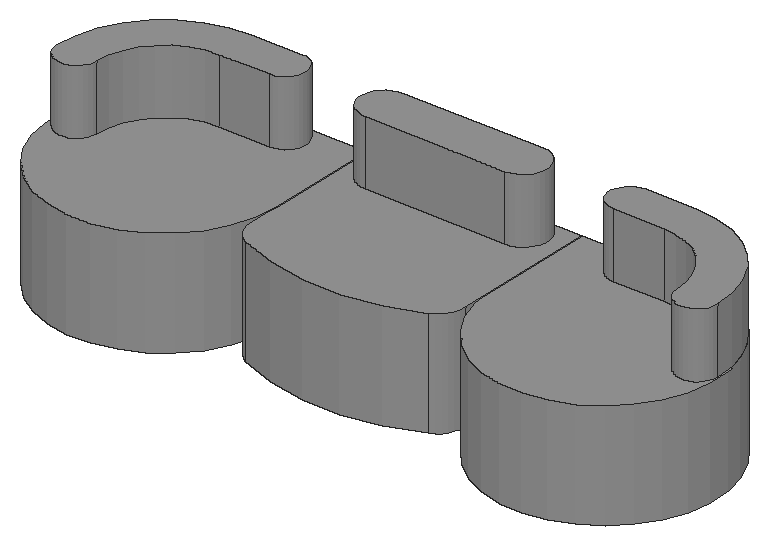
Revit family "SOFÁ OPUS menor", category Furniture, Revit 2021
Family settings
  Work Plane-Based = No
  Always vertical = No
  Cut with Voids When Loaded = No
  Shared = No
  Room Calculation Point = No
Reference planes
  plane 1: y = 0
  plane 2: z = 0
  plane 3: x = 0
Forms (mm)
  Extrusion 1, solid, material "_TECIDO SOFÁ"
    sketch origin (-3472.95, 62.035, 0) x (1, 0, 0) y (0, 1, 0)
      loop
        line (3022.936, 687.627) -> (3022.936, 77.271)
        arc (3022.936, 77.271) -> (3041.154, 13.706) -> (3090.277, -30.558) r 120
        arc (3090.277, -30.558) -> (3472.936, -119.002) -> (3855.594, -30.558) r 872.016
        arc (3855.594, -30.558) -> (3904.718, 13.706) -> (3922.936, 77.271) r 120
        line (3922.936, 77.271) -> (3922.936, 687.627) -> (3022.936, 687.627)
    from 0 to 450
  Extrusion 2, solid, material "_TECIDO SOFÁ"
    sketch origin (-3407.95, 232.035, 0) x (1, 0, 0) y (0, 1, 0)
      loop
        line (3693.763, 517.627) -> (3110.28, 517.627)
        arc (3110.28, 517.627) -> (3010.28, 417.627) -> (3110.28, 317.627) r 100
        line (3110.28, 317.627) -> (3693.763, 317.627)
        arc (3693.763, 317.627) -> (3793.763, 417.627) -> (3693.763, 517.627) r 100
    from 450 to 722
  Extrusion 3, solid, material "_TECIDO SOFÁ"
    sketch origin (2844.839, 237.655, 0) x (-1, 0, 0) y (0, -1, 0)
      loop
        line (3294.853, -39.804) -> (3294.853, -512.007) -> (3767.057, -512.007)
        arc (3767.057, -512.007) -> (4100.955, 294.094) -> (3294.853, -39.804) r 472.203
    from 0 to 450
  Extrusion 4, solid, material "_TECIDO SOFÁ"
    sketch origin (-3137.016, 232.035, 0) x (1, 0, 0) y (0, 1, 0)
      loop
        line (2416.219, 512.939) -> (2204.082, 512.939)
        arc (2204.082, 512.939) -> (1884.041, 380.374) -> (1751.476, 60.333) r 452.605
        arc (1751.476, 60.333) -> (1836.129, -24.319) -> (1920.781, 60.333) r 84.652
        arc (1920.781, 60.333) -> (2003.758, 260.657) -> (2204.082, 343.634) r 283.301
        line (2204.082, 343.634) -> (2416.219, 343.634)
        arc (2416.219, 343.634) -> (2500.872, 428.286) -> (2416.219, 512.939) r 84.652
    from 450 to 722
  Extrusion 5, solid, material "_TECIDO SOFÁ"
    sketch origin (-2844.839, 237.655, 0) x (1, 0, 0) y (0, 1, 0)
      loop
        arc (3294.853, 39.804) -> (4100.955, -294.094) -> (3767.057, 512.007) r 472.203
        line (3767.057, 512.007) -> (3294.853, 512.007) -> (3294.853, 39.804)
    from 0 to 450
  Extrusion 6, solid, material "_TECIDO SOFÁ"
    sketch origin (3137.016, 232.035, 0) x (-1, 0, 0) y (0, -1, 0)
      loop
        arc (2416.219, -512.939) -> (2500.872, -428.286) -> (2416.219, -343.634) r 84.652
        line (2416.219, -343.634) -> (2204.082, -343.634)
        arc (2204.082, -343.634) -> (2003.758, -260.657) -> (1920.781, -60.333) r 283.301
        arc (1920.781, -60.333) -> (1836.129, 24.319) -> (1751.476, -60.333) r 84.652
        arc (1751.476, -60.333) -> (1884.041, -380.374) -> (2204.082, -512.939) r 452.605
        line (2204.082, -512.939) -> (2416.219, -512.939)
    from 450 to 722
